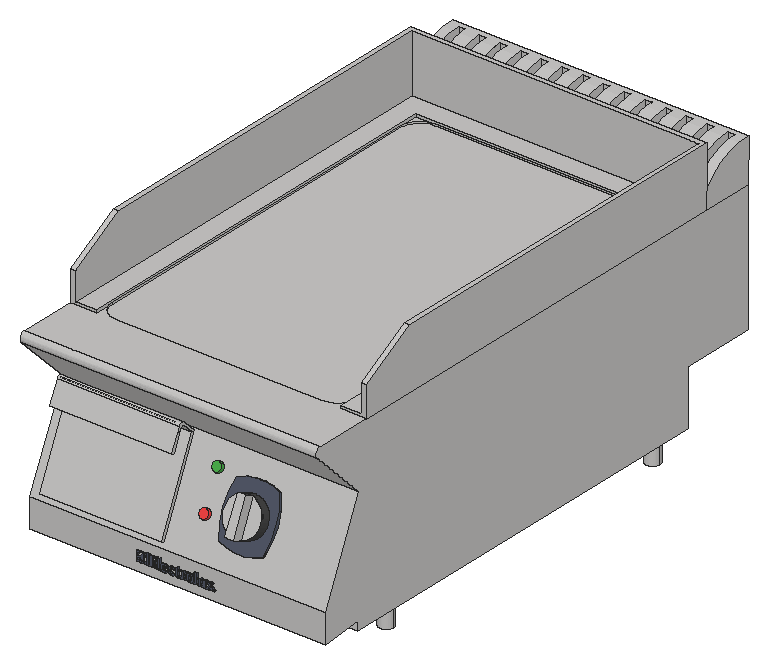
Revit family "QF_ELECTROLUXPROFESSIONAL_371193_E7FTEDCSI0", category Specialty Equipment, Revit 2018
Family settings
  Round Connector Dimension = Use Diameter
  Part Type = Normal
  Work Plane-Based = No
  Always vertical = Yes
  Cut with Voids When Loaded = No
  Shared = No
  Room Calculation Point = No
Parameters
  Width = 400.05 mm  # constant formula
  Weight in Pounds = 88  # constant formula
  Watts = 4200 VA  # 4200 W
  Volts = 400 V  # constant formula
  URL Cutsheet = "www.electrolux.com/foodservice"
  URL = "www.electrolux.com/foodservice"
  Type Mark [instance] = ""
  Status [instance] = ""
  Specification by User [instance] = ""
  Specification by Manufacturer = ""
  Show Logo [instance] = yes
  Show Clearance [instance] = yes
  Serial Number = ""
  Seismic Rating = ""
  SMACNA No = ""
  Revision Code [instance] = ""
  Phase = 3  # constant formula
  Omniclass Number and Title = ""
  Number of Poles [instance] = 1
  NAFEM Spec ID Number = ""
  Model = "371193"
  Min Ckt Ampacity = 0 A
  Max Overcurrent Protection = 0 A
  Masterspec = ""
  Manufacturer = "ELECTROLUX"
  Item Number [instance] = ""
  Installed By [instance] = ""
  Identify Quantity as Lot [instance] = yes
  Height = 288.925 mm  # constant formula
  HP = "5.6 HP"
  Furnished By [instance] = ""
  Foodservice Equipment Identifier [instance] = yes
  FL Amps = if(Phase = 3, Watts / (Volts * 1.73), Watts / Volts)  # 6.06936 A
  Electrical Remarks [instance] = "400 V/3N ph/50/60 Hz"  # constant formula
  Electric Connection Type [instance] = ""
  Elec Conn RI Height [instance] = 0 mm
  Elec Conn Connection Height [instance] = 0 mm
  Direct Waste Size = 0"
  Description = "700XP Half Module Electric Fry Top, Smooth Plate, Chromium Steel"
  Depth = 730.25 mm  # constant formula
  Cycle [instance] = if([60 Hertz Option], 60 Hz, 50 Hz)  # 60 Hz
  Conn Plug = ""
  Conn Conduit = yes
  CSI MasterFormat = ""
  CSI Master Format = ""
  Base Height [instance] = 23.813 mm  # constant formula
  Assembly Code = ""
  Apparent Power = if(Phase = 3, Volts * FL Amps * 1.73, Volts * FL Amps)  # 4200 VA
  60 Hertz Option [instance] = not([50 Hertz Option])  # yes
  50 Hertz Option [instance] = no
Reference planes
  plane 1 "BACK": y = 0
  plane 2: z = 0
  plane 3 "LEFT": x = 0
  plane 4 "RIGHT": x = 400.05
  plane 5 "FRONT": y = -730.25
  plane 6 "TOP": z = 288.925
  plane 7 "Center Y": x = 200.025
  plane 8 "Center X": y = -365.125
  plane 9 "BASE": z = 23.813
  plane 10 "TOP A": z = 274.638
  plane 11: y = -597.884
  plane 12: y = -147.637
Forms (mm)
  Extrusion 1, solid, material "QF_Finishes_Stainless Steel"
    sketch origin (0, 0, 0) x (0, 1, 0) y (0, 0, 1)
      loop
        line (0, 274.638) -> (-722.905, 274.638)
        arc (-722.905, 274.638) -> (-729.679, 270.111) -> (-728.09, 262.121) r 7.332
        line (-728.09, 262.121) -> (-657.416, 191.447) -> (-713.772, 69.003) -> (-713.772, 30.903) -> (-660.4, 36.513) -> (-660.4, 23.812) -> (-101.6, 23.812) -> (-101.6, 98.425) -> (0, 98.425) -> (0, 274.638)
    from 0 to 400.05
  Extrusion 2, void
    sketch origin (0, -2.381, 274.638) x (-1, 0, 0) y (0, -1, 0)
      loop
        arc (-60.425, 102.504) -> (-42.464, 109.943) -> (-35.025, 127.904) r 25.4
        line (-35.025, 127.904) -> (-35.025, 617.104)
        arc (-35.025, 617.104) -> (-42.464, 635.064) -> (-60.425, 642.504) r 25.4
        line (-60.425, 642.504) -> (-339.625, 642.504)
        arc (-339.625, 642.504) -> (-357.586, 635.064) -> (-365.025, 617.104) r 25.4
        line (-365.025, 617.104) -> (-365.025, 127.904)
        arc (-365.025, 127.904) -> (-357.586, 109.943) -> (-339.625, 102.504) r 25.4
        line (-339.625, 102.504) -> (-60.425, 102.504)
    from 0 to -1.588
  Extrusion 3, solid, material "QF_Finishes_Stainless Steel"
    sketch origin (0, 0, 0) x (1, 0, 0) y (0, 1, 0)
      loop
        circle (11.112, -147.638) r 9.525
      loop
        circle (11.112, -597.884) r 9.525
      loop
        circle (388.937, -147.638) r 9.525
      loop
        circle (388.937, -597.884) r 9.525
    from 0 to 23.813
  Extrusion 4, solid, material "QF_Finishes_Navy Blue"
    sketch origin (115.456, -713.772, 69.003) x (0, 0.418102, 0.9084) y (-1, 0, 0)
      loop
        arc (102.623, -132.62) -> (67.041, -124.996) -> (31.333, -132.003) r 90.5
        arc (31.333, -132.003) -> (24.507, -161.19) -> (31.333, -190.378) r 65.817
        arc (31.333, -190.378) -> (67.04, -197.338) -> (102.623, -189.765) r 91.066
        arc (102.623, -189.765) -> (109.179, -161.193) -> (102.623, -132.62) r 65.546
    from 0 to 3.175
  Extrusion 5, solid, material "QF_Finishes_Stainless Steel"
    sketch origin (115.456, -717.485, 68.529) x (0, 0.418102, 0.9084) y (-1, 0, 0)
      loop
        circle (68.826, -160.963) r 25.4
    from 0 to 12.7
  Extrusion 6, solid, material "QF_Finishes_Stainless Steel"
    sketch origin (115.456, -729.022, 73.839) x (0, 0.418102, 0.9084) y (-1, 0, 0)
      loop
        arc (93.558, -166.749) -> (94.226, -160.963) -> (93.558, -155.177) r 25.4
        line (93.558, -155.177) -> (44.094, -155.177)
        arc (44.094, -155.177) -> (43.426, -160.963) -> (44.094, -166.749) r 25.4
        line (44.094, -166.749) -> (93.558, -166.749)
    from 0 to 12.7
  Extrusion 7, solid, material "QF_Finishes_Navy Blue", visible <- "Show Logo"
    sketch origin (-142.26, -713.772, 35.665) x (0, 0, 1) y (-1, 0, 0)
      loop
        line (20.674, -296.698) -> (8.307, -296.698)
        arc (8.307, -296.698) -> (14.491, -301.27) -> (20.674, -296.698) r 6.467
      loop
        arc (20.674, -296.069) -> (19.505, -290.926) -> (14.849, -288.448) r 6.338
        line (14.849, -288.448) -> (14.849, -290.494)
        arc (14.849, -290.494) -> (16.333, -294.149) -> (19.778, -296.069) r 5.941
        line (19.778, -296.069) -> (20.674, -296.069)
      loop
        arc (9.203, -296.069) -> (12.648, -294.149) -> (14.132, -290.494) r 5.941
        line (14.132, -290.494) -> (14.132, -288.448)
        arc (14.132, -288.448) -> (9.438, -290.922) -> (8.148, -296.069) r 6.504
        line (8.148, -296.069) -> (9.203, -296.069)
      loop
        line (21.349, -287.979) -> (7.604, -287.979) -> (7.604, -301.742) -> (21.349, -301.742) -> (21.349, -287.979)
      loop
        arc (21.432, -304.71) -> (21.085, -304.352) -> (20.718, -304.69) r 0.358
        arc (20.718, -304.69) -> (20.404, -305.44) -> (19.687, -305.825) r 1.216
        line (19.687, -305.825) -> (9.274, -305.825)
        arc (9.274, -305.825) -> (8.614, -305.548) -> (8.218, -304.951) r 1.238
        arc (8.218, -304.951) -> (7.823, -304.7) -> (7.518, -305.054) r 0.358
        line (7.518, -305.054) -> (7.518, -314.933) -> (10.269, -314.933) -> (10.269, -314.036)
        arc (10.269, -314.036) -> (9.36, -313.456) -> (8.904, -312.479) r 1.928
        line (8.904, -312.479) -> (8.904, -309.98)
        arc (8.904, -309.98) -> (9.18, -309.251) -> (9.868, -308.887) r 1.101
        line (9.868, -308.887) -> (13.955, -308.887) -> (13.955, -312.561)
        arc (13.955, -312.561) -> (13.602, -313.058) -> (13.037, -313.286) r 1.083
        arc (13.037, -313.286) -> (12.773, -313.591) -> (13.065, -313.869) r 0.292
        line (13.065, -313.869) -> (16.028, -313.869)
        arc (16.028, -313.869) -> (16.33, -313.596) -> (16.092, -313.266) r 0.305
        arc (16.092, -313.266) -> (15.601, -313.018) -> (15.296, -312.561) r 1.083
        line (15.296, -312.561) -> (15.296, -308.887) -> (19.973, -308.887) -> (19.973, -312.635)
        arc (19.973, -312.635) -> (19.759, -313.39) -> (19.153, -313.888) r 1.314
        arc (19.153, -313.888) -> (18.934, -314.292) -> (19.288, -314.585) r 0.361
        line (19.288, -314.585) -> (21.432, -314.585) -> (21.432, -304.71)
      loop
        arc (20.715, -315.365) -> (20.335, -316.284) -> (19.416, -316.664) r 1.299
        line (19.416, -316.664) -> (9.837, -316.664)
        arc (9.837, -316.664) -> (8.999, -316.286) -> (8.728, -315.408) r 1.118
        line (8.728, -315.408) -> (7.518, -315.408) -> (7.518, -320.758) -> (8.706, -320.758)
        arc (8.706, -320.758) -> (8.978, -319.841) -> (9.848, -319.445) r 1.153
        line (9.848, -319.445) -> (21.92, -319.445) -> (20.715, -315.365)
      loop
        line (12.483, -323.394) -> (12.483, -329.842) -> (13.282, -329.842)
        arc (13.282, -329.842) -> (15.862, -328.857) -> (17.131, -326.404) r 3.874
        line (17.131, -326.404) -> (17.131, -324.643)
        arc (17.131, -324.643) -> (15.944, -321.778) -> (13.08, -320.592) r 4.051
        line (13.08, -320.592) -> (11.072, -320.592)
        arc (11.072, -320.592) -> (8.253, -322.077) -> (7.202, -325.084) r 4.352
        arc (7.202, -325.084) -> (7.566, -327.547) -> (8.943, -329.621) r 5.713
        line (8.943, -329.621) -> (9.892, -329.621)
        arc (9.892, -329.621) -> (9.16, -328.052) -> (8.943, -326.334) r 5.579
        arc (8.943, -326.334) -> (9.737, -324.371) -> (11.616, -323.394) r 3.057
        line (11.616, -323.394) -> (12.483, -323.394)
      loop
        line (13.742, -323.394) -> (13.742, -326.977)
        arc (13.742, -326.977) -> (15.199, -327.024) -> (16.082, -325.864) r 1.59
        line (16.082, -325.864) -> (16.082, -325.034)
        arc (16.082, -325.034) -> (15.217, -323.779) -> (13.742, -323.394) r 2.184
      loop
        arc (16.533, -339.259) -> (17.022, -337.585) -> (17.179, -335.848) r 9.023
        line (17.179, -335.848) -> (17.179, -334.486)
        arc (17.179, -334.486) -> (16.02, -331.686) -> (13.22, -330.527) r 3.959
        line (13.22, -330.527) -> (10.62, -330.527)
        arc (10.62, -330.527) -> (8.338, -331.819) -> (7.221, -334.192) r 4.331
        line (7.221, -334.192) -> (7.221, -336.327)
        arc (7.221, -336.327) -> (7.729, -337.877) -> (8.651, -339.223) r 5.772
        arc (8.651, -339.223) -> (9.412, -339.274) -> (9.499, -338.515) r 0.553
        arc (9.499, -338.515) -> (9.111, -337.781) -> (8.977, -336.962) r 2.573
        line (8.977, -336.962) -> (8.977, -335.447)
        arc (8.977, -335.447) -> (9.983, -333.806) -> (11.798, -333.163) r 2.884
        line (11.798, -333.163) -> (13.077, -333.163)
        arc (13.077, -333.163) -> (14.898, -333.723) -> (15.824, -335.388) r 2.554
        line (15.824, -335.388) -> (15.824, -336.441)
        arc (15.824, -336.441) -> (15.493, -337.369) -> (14.836, -338.104) r 2.564
        arc (14.836, -338.104) -> (14.614, -338.821) -> (15.223, -339.259) r 0.643
        line (15.223, -339.259) -> (16.533, -339.259)
      loop
        line (15.515, -339.53) -> (15.515, -341.031) -> (9.467, -341.031)
        arc (9.467, -341.031) -> (7.879, -341.688) -> (7.221, -343.276) r 2.246
        line (7.221, -343.276) -> (7.221, -344.86)
        arc (7.221, -344.86) -> (7.535, -345.725) -> (8.035, -346.496) r 4.06
        arc (8.035, -346.496) -> (8.768, -346.629) -> (9.019, -345.928) r 0.576
        arc (9.019, -345.928) -> (8.913, -345.403) -> (8.977, -344.87) r 1.69
        arc (8.977, -344.87) -> (9.519, -344.082) -> (10.425, -343.779) r 1.506
        line (10.425, -343.779) -> (15.563, -343.779) -> (15.563, -346.176) -> (16.119, -346.733) -> (16.941, -346.733) -> (16.941, -343.873) -> (20.172, -343.873) -> (15.515, -339.53)
      loop
        line (7.438, -347.63) -> (7.438, -353.017) -> (8.548, -353.017)
        arc (8.548, -353.017) -> (8.942, -352.066) -> (9.893, -351.672) r 1.345
        line (9.893, -351.672) -> (13.509, -351.672)
        arc (13.509, -351.672) -> (14.274, -352.264) -> (14.564, -353.186) r 1.615
        line (14.564, -353.186) -> (14.564, -354.742) -> (17.119, -355.427) -> (17.119, -354.044) -> (15.177, -351.485) -> (17.057, -351.485) -> (16.773, -348.779)
        arc (16.773, -348.779) -> (16.333, -348.249) -> (15.674, -348.45) r 0.621
        arc (15.674, -348.45) -> (15.274, -348.792) -> (14.78, -348.975) r 1.501
        line (14.78, -348.975) -> (9.893, -348.975)
        arc (9.893, -348.975) -> (8.942, -348.581) -> (8.548, -347.63) r 1.345
        line (8.548, -347.63) -> (7.438, -347.63)
      loop
        line (13.54, -354.964) -> (10.848, -354.964)
        arc (10.848, -354.964) -> (8.403, -356.272) -> (7.269, -358.803) r 4.288
        arc (7.269, -358.803) -> (7.205, -360.183) -> (7.269, -361.563) r 15.022
        arc (7.269, -361.563) -> (8.403, -364.094) -> (10.848, -365.401) r 4.288
        line (10.848, -365.401) -> (13.54, -365.401)
        arc (13.54, -365.401) -> (15.986, -364.094) -> (17.119, -361.563) r 4.288
        arc (17.119, -361.563) -> (17.183, -360.183) -> (17.119, -358.803) r 15.022
        arc (17.119, -358.803) -> (15.986, -356.272) -> (13.54, -354.964) r 4.288
      loop
        line (13.745, -358.078) -> (10.643, -358.078)
        arc (10.643, -358.078) -> (8.486, -360.235) -> (10.643, -362.392) r 2.157
        line (10.643, -362.392) -> (13.745, -362.392)
        arc (13.745, -362.392) -> (15.902, -360.235) -> (13.745, -358.078) r 2.157
      loop
        arc (20.726, -365.26) -> (20.355, -366.154) -> (19.461, -366.524) r 1.264
        line (19.461, -366.524) -> (9.597, -366.524)
        arc (9.597, -366.524) -> (8.727, -366.127) -> (8.455, -365.211) r 1.153
        line (8.455, -365.211) -> (7.518, -365.211) -> (7.518, -370.319) -> (8.446, -370.319)
        arc (8.446, -370.319) -> (8.805, -369.547) -> (9.597, -369.232) r 1.153
        line (9.597, -369.232) -> (21.92, -369.232) -> (20.726, -365.26)
      loop
        arc (15.846, -369.857) -> (15.647, -370.921) -> (14.678, -371.403) r 1.215
        line (14.678, -371.403) -> (9.658, -371.403)
        arc (9.658, -371.403) -> (8.043, -372.051) -> (7.322, -373.634) r 2.338
        line (7.322, -373.634) -> (7.322, -375.148)
        arc (7.322, -375.148) -> (7.497, -376.152) -> (7.999, -377.038) r 2.979
        line (7.999, -377.038) -> (7.518, -378.835) -> (7.518, -380.524) -> (16.943, -380.524) -> (16.649, -376.32) -> (15.863, -376.32)
        arc (15.863, -376.32) -> (15.507, -377.156) -> (14.755, -377.665) r 1.605
        line (14.755, -377.665) -> (9.652, -377.665)
        arc (9.652, -377.665) -> (9.232, -376.728) -> (9.159, -375.704) r 2.94
        arc (9.159, -375.704) -> (9.72, -374.603) -> (10.873, -374.16) r 1.724
        line (10.873, -374.16) -> (17.07, -374.16) -> (15.846, -369.857)
      loop
        line (16.874, -381.377) -> (15.202, -383.423) -> (12.028, -385.729) -> (8.572, -382.617)
        arc (8.572, -382.617) -> (8.335, -382.223) -> (8.357, -381.764) r 0.789
        line (8.357, -381.764) -> (7.518, -381.764) -> (7.518, -385.309) -> (8.344, -385.309)
        arc (8.344, -385.309) -> (8.686, -384.947) -> (9.176, -385.039) r 0.52
        line (9.176, -385.039) -> (10.976, -386.51) -> (8.858, -387.886)
        arc (8.858, -387.886) -> (8.457, -387.576) -> (8.37, -387.076) r 0.7
        line (8.37, -387.076) -> (7.518, -387.076) -> (7.518, -393.003) -> (8.405, -393.003)
        arc (8.405, -393.003) -> (8.472, -392.344) -> (8.866, -391.813) r 1.247
        line (8.866, -391.813) -> (13.066, -388.532) -> (15.513, -390.585) -> (16.874, -392.327) -> (16.874, -388.604) -> (15.389, -389.026) -> (13.868, -387.749) -> (15.568, -386.559) -> (16.874, -387.336) -> (16.874, -381.377)
    from 0 to 1.644
  Extrusion 8, solid, material "QF_Finishes_Stainless Steel"
    sketch origin (0, -101.6, 101.6) x (0, 0, -1) y (-1, 0, 0)
      loop
        circle (43.882, -349.25) r 12.7
    from 0 to 3.175
  Extrusion 9, solid, material "QF_Finishes_Clearance", visible <- "Show Clearance", detail levels coarse
    sketch origin (0, 0, 0) x (1, 0, 0) y (0, 1, 0)
      loop
        line (0, -730.25) -> (0, 0) -> (400.05, 0) -> (400.05, -730.25) -> (550.069, -730.25) -> (550.069, 150.019) -> (-150.019, 150.019) -> (-150.019, -730.25) -> (0, -730.25)
    from 0 to 288.925
  Extrusion 10, solid, material "QF_Finishes_Stainless Steel"
    sketch origin (0, 0, 0) x (0, 1, 0) y (0, 0, 1)
      loop
        line (-658.831, 188.372) -> (-675.238, 204.778)
        arc (-675.238, 204.778) -> (-679.705, 206.181) -> (-683.409, 203.316) r 5.058
        line (-683.409, 203.316) -> (-696.071, 175.806) -> (-693.187, 174.479) -> (-680.525, 201.989)
        arc (-680.525, 201.989) -> (-679.146, 203.055) -> (-677.483, 202.533) r 1.883
        line (-677.483, 202.533) -> (-662.64, 187.69) -> (-713.474, 77.245) -> (-710.589, 75.918) -> (-658.831, 188.372)
    from 12.7 to 177.8
  Extrusion 11, solid, material "QF_Finishes_Drawer Clearance", visible <- "Show Clearance", detail levels coarse
    sketch origin (0, -101.6, 0) x (0, 1, 0) y (0, 0, 1)
      loop
        line (-660.751, 174.479) -> (-648.089, 201.989)
        arc (-648.089, 201.989) -> (-646.71, 203.055) -> (-645.046, 202.533) r 1.883
        line (-645.046, 202.533) -> (-630.204, 187.69) -> (-681.037, 77.245) -> (-678.153, 75.918) -> (-608.989, 75.918) -> (-557.231, 188.372) -> (-573.638, 204.778)
        arc (-573.638, 204.778) -> (-574.873, 205.685) -> (-576.323, 206.181) r 5.058
        line (-576.323, 206.181) -> (-647.269, 206.181)
        arc (-647.269, 206.181) -> (-649.472, 205.203) -> (-650.973, 203.316) r 5.058
        line (-650.973, 203.316) -> (-663.635, 175.806) -> (-660.751, 174.479)
    from 12.7 to 177.8
  Extrusion 12, solid, material "QF_Finishes_Stainless Steel"
    sketch origin (0, 0, 0) x (0, 1, 0) y (0, 0, 1)
      loop
        line (0, 274.638) -> (0, 333.375)
        arc (0, 333.375) -> (-38.879, 324.991) -> (-69.85, 300.038) r 86.156
        line (-69.85, 300.038) -> (-69.85, 274.638) -> (0, 274.638)
    from 0 to 400.05
  Extrusion 13, void
    sketch origin (0, 0, 274.638) x (-1, 0, 0) y (0, -1, 0)
      loop
        line (-13.453, 6.761) -> (-13.453, 63.911) -> (-22.749, 63.911) -> (-22.749, 6.761) -> (-13.453, 6.761)
    from 25.4 to 63.5
  Extrusion 14, void
    sketch origin (400.05, 0, 274.638) x (1, 0, 0) y (0, 1, 0)
      loop
        line (-13.453, -6.761) -> (-22.749, -6.761) -> (-22.749, -63.911) -> (-13.453, -63.911) -> (-13.453, -6.761)
    from 25.4 to 63.5
  Extrusion 15, void
    sketch origin (27.988, 0, 274.638) x (-1, 0, 0) y (0, -1, 0)
      loop
        line (-13.453, 6.761) -> (-13.453, 63.911) -> (-22.749, 63.911) -> (-22.749, 6.761) -> (-13.453, 6.761)
    from 25.4 to 63.5
  Extrusion 16, void
    sketch origin (55.977, 0, 274.638) x (-1, 0, 0) y (0, -1, 0)
      loop
        line (-13.453, 6.761) -> (-13.453, 63.911) -> (-22.749, 63.911) -> (-22.749, 6.761) -> (-13.453, 6.761)
    from 25.4 to 63.5
  Extrusion 17, void
    sketch origin (83.965, 0, 274.638) x (-1, 0, 0) y (0, -1, 0)
      loop
        line (-13.453, 6.761) -> (-13.453, 63.911) -> (-22.749, 63.911) -> (-22.749, 6.761) -> (-13.453, 6.761)
    from 25.4 to 63.5
  Extrusion 18, void
    sketch origin (111.953, 0, 274.638) x (-1, 0, 0) y (0, -1, 0)
      loop
        line (-13.453, 6.761) -> (-13.453, 63.911) -> (-22.749, 63.911) -> (-22.749, 6.761) -> (-13.453, 6.761)
    from 25.4 to 63.5
  Extrusion 19, void
    sketch origin (139.942, 0, 274.638) x (-1, 0, 0) y (0, -1, 0)
      loop
        line (-13.453, 6.761) -> (-13.453, 63.911) -> (-22.749, 63.911) -> (-22.749, 6.761) -> (-13.453, 6.761)
    from 25.4 to 63.5
  Extrusion 20, void
    sketch origin (167.93, 0, 274.638) x (-1, 0, 0) y (0, -1, 0)
      loop
        line (-13.453, 6.761) -> (-13.453, 63.911) -> (-22.749, 63.911) -> (-22.749, 6.761) -> (-13.453, 6.761)
    from 25.4 to 63.5
  Extrusion 21, void
    sketch origin (195.918, 0, 274.638) x (-1, 0, 0) y (0, -1, 0)
      loop
        line (-13.453, 6.761) -> (-13.453, 63.911) -> (-22.749, 63.911) -> (-22.749, 6.761) -> (-13.453, 6.761)
    from 25.4 to 63.5
  Extrusion 22, void
    sketch origin (223.907, 0, 274.638) x (-1, 0, 0) y (0, -1, 0)
      loop
        line (-13.453, 6.761) -> (-13.453, 63.911) -> (-22.749, 63.911) -> (-22.749, 6.761) -> (-13.453, 6.761)
    from 25.4 to 63.5
  Extrusion 23, void
    sketch origin (251.895, 0, 274.638) x (-1, 0, 0) y (0, -1, 0)
      loop
        line (-13.453, 6.761) -> (-13.453, 63.911) -> (-22.749, 63.911) -> (-22.749, 6.761) -> (-13.453, 6.761)
    from 25.4 to 63.5
  Extrusion 24, void
    sketch origin (279.884, 0, 274.638) x (-1, 0, 0) y (0, -1, 0)
      loop
        line (-13.453, 6.761) -> (-13.453, 63.911) -> (-22.749, 63.911) -> (-22.749, 6.761) -> (-13.453, 6.761)
    from 25.4 to 63.5
  Extrusion 25, void
    sketch origin (307.872, 0, 274.638) x (-1, 0, 0) y (0, -1, 0)
      loop
        line (-13.453, 6.761) -> (-13.453, 63.911) -> (-22.749, 63.911) -> (-22.749, 6.761) -> (-13.453, 6.761)
    from 25.4 to 63.5
  Extrusion 26, void
    sketch origin (335.86, 0, 274.638) x (-1, 0, 0) y (0, -1, 0)
      loop
        line (-13.453, 6.761) -> (-13.453, 63.911) -> (-22.749, 63.911) -> (-22.749, 6.761) -> (-13.453, 6.761)
    from 25.4 to 63.5
  Sweep 27, solid, material "QF_Finishes_Stainless Steel"
    path origin (0, -2.381, 274.638) x (-1, 0, 0) y (0, -1, 0)
      loop
        line (-365.025, 642.504) -> (-365.025, 102.504) -> (-35.025, 102.504) -> (-35.025, 642.504)
    profile origin (35.025, -374.885, 274.638) x (1, 0, 0) y (0, 0, 1)
      loop
        line (-35.025, 0) -> (0, 0) -> (0, 3.175) -> (-28.675, 3.175) -> (-28.675, 80.963) -> (-35.025, 80.963) -> (-35.025, 0)
  Extrusion 28, void
    sketch origin (0, -69.86, 274.638) x (0, 1, 0) y (0, 0, 1)
      loop
        line (-575.025, 40.481) -> (-501.995, 80.963) -> (-575.025, 80.963) -> (-575.025, 40.481)
    from 0 to 6.35
  Extrusion 29, void
    sketch origin (400.05, -644.885, 274.638) x (0, -1, 0) y (0, 0, 1)
      loop
        line (0, 40.481) -> (0, 80.963) -> (-73.03, 80.963) -> (0, 40.481)
    from 0 to 6.35
  Extrusion 30, solid, material "QF_Finishes_Green"
    sketch origin (129.198, -709.828, 77.572) x (0, 0.418102, 0.9084) y (-1, 0, 0)
      loop
        circle (95.112, -90.848) r 6.35
    from 0 to 3.175
  Extrusion 31, solid, material "QF_Finishes_Red"
    sketch origin (129.198, -731.731, 29.983) x (0, 0.418102, 0.9084) y (-1, 0, 0)
      loop
        circle (95.112, -90.848) r 6.35
    from 0 to 3.175
Cuts and joins
  Extrusion 2 cuts Extrusion 1
  joined: Extrusion 5, Extrusion 6
  Extrusion 13, Extrusion 14, Extrusion 15, Extrusion 16, Extrusion 17, Extrusion 18, Extrusion 19, Extrusion 20, Extrusion 21, Extrusion 22, Extrusion 23, Extrusion 24, Extrusion 25, Extrusion 26 cuts Extrusion 12
  Extrusion 28, Extrusion 29 cuts Sweep 27
Lines and regions (mm)
  symbolic lines, style "QF-Clearances", visible <- "Show Clearance", detail levels coarse
    curve 1: line (-150.019, 150.019, 274.638) -> (-150.019, -730.25, 274.638)
    curve 2: line (550.069, 150.019, 274.638) -> (-150.019, 150.019, 274.638)
    curve 3: line (550.069, -730.25, 274.638) -> (550.069, 150.019, 274.638)
  symbolic lines
    curve 4: line (0, 0, 274.638) -> (400.05, 0, 274.638)
    curve 5: line (0, -730.25, 274.638) -> (0, 0, 274.638)
    curve 6: line (400.05, 0, 274.638) -> (400.05, -730.25, 274.638)
    curve 7: line (35.025, -130.285, 274.638) -> (35.025, -644.885, 274.638)
    curve 8: arc (35.025, -619.485, 274.638) -> (42.464, -637.445, 274.638) -> (60.425, -644.885, 274.638) r 25.4
    curve 9: line (0, -644.885, 274.638) -> (35.025, -644.885, 274.638)
    curve 10: arc (339.625, -644.885, 274.638) -> (357.586, -637.445, 274.638) -> (365.025, -619.485, 274.638) r 25.4
    curve 11: line (365.025, -644.885, 274.638) -> (365.025, -130.285, 274.638)
    curve 12: line (339.625, -104.885, 274.638) -> (60.425, -104.885, 274.638)
    curve 13: line (0, -69.85, 274.638) -> (400.05, -69.85, 274.638)
    curve 14: line (400.05, -730.25, 274.638) -> (0, -730.25, 274.638)
    curve 15: arc (60.425, -104.885, 274.638) -> (42.464, -112.324, 274.638) -> (35.025, -130.285, 274.638) r 25.4
    curve 16: arc (339.625, -104.885, 274.638) -> (357.586, -112.324, 274.638) -> (365.025, -130.285, 274.638) r 25.4
    curve 17: line (6.35, -76.21, 274.638) -> (6.35, -644.885, 274.638)
    curve 18: line (6.35, -76.21, 274.638) -> (393.7, -76.21, 274.638)
    curve 19: line (393.7, -76.21, 274.638) -> (393.7, -644.885, 274.638)
    curve 20: line (13.453, -6.761, 274.638) -> (22.749, -6.761, 274.638)
    curve 21: line (13.453, -63.911, 274.638) -> (13.453, -6.761, 274.638)
    curve 22: line (22.749, -63.911, 274.638) -> (13.453, -63.911, 274.638)
    curve 23: line (22.749, -6.761, 274.638) -> (22.749, -63.911, 274.638)
    curve 24: line (41.441, -6.761, 274.638) -> (50.737, -6.761, 274.638)
    curve 25: line (41.441, -63.911, 274.638) -> (41.441, -6.761, 274.638)
    curve 26: line (50.737, -63.911, 274.638) -> (41.441, -63.911, 274.638)
    curve 27: line (50.737, -6.761, 274.638) -> (50.737, -63.911, 274.638)
    curve 28: line (69.43, -6.761, 274.638) -> (78.725, -6.761, 274.638)
    curve 29: line (69.43, -63.911, 274.638) -> (69.43, -6.761, 274.638)
    curve 30: line (78.725, -63.911, 274.638) -> (69.43, -63.911, 274.638)
    curve 31: line (78.725, -6.761, 274.638) -> (78.725, -63.911, 274.638)
    curve 32: line (97.418, -6.761, 274.638) -> (106.714, -6.761, 274.638)
    curve 33: line (97.418, -63.911, 274.638) -> (97.418, -6.761, 274.638)
    curve 34: line (106.714, -63.911, 274.638) -> (97.418, -63.911, 274.638)
    curve 35: line (106.714, -6.761, 274.638) -> (106.714, -63.911, 274.638)
    curve 36: line (125.406, -6.761, 274.638) -> (134.702, -6.761, 274.638)
    curve 37: line (125.406, -63.911, 274.638) -> (125.406, -6.761, 274.638)
    curve 38: line (134.702, -63.911, 274.638) -> (125.406, -63.911, 274.638)
    curve 39: line (134.702, -6.761, 274.638) -> (134.702, -63.911, 274.638)
    curve 40: line (153.395, -6.761, 274.638) -> (162.69, -6.761, 274.638)
    curve 41: line (153.395, -63.911, 274.638) -> (153.395, -6.761, 274.638)
    curve 42: line (162.69, -63.911, 274.638) -> (153.395, -63.911, 274.638)
    curve 43: line (162.69, -6.761, 274.638) -> (162.69, -63.911, 274.638)
    curve 44: line (181.383, -6.761, 274.638) -> (190.679, -6.761, 274.638)
    curve 45: line (181.383, -63.911, 274.638) -> (181.383, -6.761, 274.638)
    curve 46: line (190.679, -63.911, 274.638) -> (181.383, -63.911, 274.638)
    curve 47: line (190.679, -6.761, 274.638) -> (190.679, -63.911, 274.638)
    curve 48: line (209.371, -6.761, 274.638) -> (218.667, -6.761, 274.638)
    curve 49: line (209.371, -63.911, 274.638) -> (209.371, -6.761, 274.638)
    curve 50: line (218.667, -63.911, 274.638) -> (209.371, -63.911, 274.638)
    curve 51: line (218.667, -6.761, 274.638) -> (218.667, -63.911, 274.638)
    curve 52: line (237.36, -6.761, 274.638) -> (246.655, -6.761, 274.638)
    curve 53: line (237.36, -63.911, 274.638) -> (237.36, -6.761, 274.638)
    curve 54: line (246.655, -63.911, 274.638) -> (237.36, -63.911, 274.638)
    curve 55: line (246.655, -6.761, 274.638) -> (246.655, -63.911, 274.638)
    curve 56: line (265.348, -6.761, 274.638) -> (274.644, -6.761, 274.638)
    curve 57: line (265.348, -63.911, 274.638) -> (265.348, -6.761, 274.638)
    curve 58: line (274.644, -63.911, 274.638) -> (265.348, -63.911, 274.638)
    curve 59: line (274.644, -6.761, 274.638) -> (274.644, -63.911, 274.638)
    curve 60: line (293.336, -6.761, 274.638) -> (302.632, -6.761, 274.638)
    curve 61: line (293.336, -63.911, 274.638) -> (293.336, -6.761, 274.638)
    curve 62: line (302.632, -63.911, 274.638) -> (293.336, -63.911, 274.638)
    curve 63: line (302.632, -6.761, 274.638) -> (302.632, -63.911, 274.638)
    curve 64: line (321.325, -6.761, 274.638) -> (330.62, -6.761, 274.638)
    curve 65: line (321.325, -63.911, 274.638) -> (321.325, -6.761, 274.638)
    curve 66: line (330.62, -63.911, 274.638) -> (321.325, -63.911, 274.638)
    curve 67: line (330.62, -6.761, 274.638) -> (330.62, -63.911, 274.638)
    curve 68: line (349.313, -6.761, 274.638) -> (358.609, -6.761, 274.638)
    curve 69: line (349.313, -63.911, 274.638) -> (349.313, -6.761, 274.638)
    curve 70: line (358.609, -63.911, 274.638) -> (349.313, -63.911, 274.638)
    curve 71: line (358.609, -6.761, 274.638) -> (358.609, -63.911, 274.638)
    curve 72: line (377.301, -6.761, 274.638) -> (386.597, -6.761, 274.638)
    curve 73: line (377.301, -63.911, 274.638) -> (377.301, -6.761, 274.638)
    curve 74: line (386.597, -63.911, 274.638) -> (377.301, -63.911, 274.638)
    curve 75: line (386.597, -6.761, 274.638) -> (386.597, -63.911, 274.638)
    curve 76: line (365.025, -644.885, 274.638) -> (400.05, -644.885, 274.638)
    curve 77: line (60.425, -644.885, 274.638) -> (339.625, -644.885, 274.638)
  symbolic lines, style "QF_Drawer Clearance", visible <- "Show Clearance", detail levels coarse
    curve 78: line (12.7, -731.804, 0) -> (12.7, -782.637, 0)
    curve 79: line (12.7, -782.637, 0) -> (177.8, -782.637, 0)
    curve 80: line (177.8, -782.637, 0) -> (177.8, -730.25, 0)
Dimensions and locks
  equal spacing: plane 3 "LEFT", plane 7 "Center Y", plane 4 "RIGHT"
  "Width": plane 3 "LEFT" to plane 4 "RIGHT"
  equal spacing: plane 5 "FRONT", plane 8 "Center X", plane 1 "BACK"
  "Depth": plane 5 "FRONT" to plane 1 "BACK"
  "Height": plane 6 "TOP" to level
  plane 1 "BACK" to plane 5 "FRONT" = 730.25 mm
  "Base Height": plane 9 "BASE" to level
  locked: plane 10 "TOP A" to plane 9 "BASE" at 250.825
  plane 4 "RIGHT" to Extrusion 8 sketch curve = 50.8 mm
  Sweep 27 sketch curve to level = 355.6 mm
  plane 10 "TOP A" to plane 9 "BASE" = 250.825 mm
  plane 9 "BASE" to level = 23.813 mm
  plane 9 "BASE" to cut or joined group of Extrusion 1, Extrusion 2 = 74.612 mm
  aligned and locked: level to plane 2
  aligned and locked: plane 4 "RIGHT" to Extrusion 1
  aligned and locked: plane 9 "BASE" to Extrusion 3
  aligned and locked: plane 6 "TOP" to Extrusion 9
Automatic sketch dimensions
  Extrusion 2 sketch curve to plane 4 "RIGHT" = 35.025 mm
  Extrusion 2 sketch curve to Extrusion 2 sketch curve = 25.4 mm  (x3)
  Extrusion 2 sketch curve to plane 12 = 17.353 mm
  plane 3 "LEFT" to Extrusion 2 sketch curve = 60.425 mm  (x2)
  plane 11 to Extrusion 2 sketch curve = 21.6 mm
  plane 11 to Extrusion 3 sketch curve = 0 mm  (x2)
  plane 12 to Extrusion 3 sketch curve = 0 mm  (x2)
  plane 3 "LEFT" to Extrusion 3 sketch curve = 11.112 mm  (x2)
  Extrusion 3 sketch curve to plane 4 "RIGHT" = 11.113 mm  (x2)
  Extrusion 4 sketch curve to Extrusion 1 = 31.333 mm  (x2)
  Extrusion 4 sketch curve to Extrusion 4 sketch curve = 12.3 mm  (x3)
  Extrusion 4 sketch curve to Extrusion 4 sketch curve = 34.925 mm  (x2)
  Extrusion 1 to Extrusion 4 sketch curve = 44.467 mm
  Extrusion 1 to Extrusion 4 sketch curve = 69.101 mm
  Extrusion 4 sketch curve to Extrusion 4 sketch curve = 25.114 mm
  Extrusion 4 sketch curve to Extrusion 4 sketch curve = 25.727 mm
  Extrusion 4 sketch curve to Extrusion 4 sketch curve = 29.185 mm
  Extrusion 6 sketch curve to Extrusion 6 sketch curve = 24.732 mm
  Extrusion 6 sketch curve to Extrusion 6 sketch curve = 0 mm
  Extrusion 7 sketch curve to Extrusion 1 = 6.923 mm
  Extrusion 7 sketch curve to Extrusion 1 = 11.964 mm
  Extrusion 7 sketch curve to Extrusion 1 = 11.983 mm
  Extrusion 7 sketch curve to Extrusion 7 sketch curve = 0 mm  (x28)
  Extrusion 7 sketch curve to Extrusion 7 sketch curve = 5.108 mm  (x2)
  Extrusion 7 sketch curve to Extrusion 1 = 12.085 mm
  Extrusion 7 sketch curve to Extrusion 7 sketch curve = 0.218 mm
  Extrusion 7 sketch curve to Extrusion 7 sketch curve = 0.195 mm
  Extrusion 7 sketch curve to Extrusion 7 sketch curve = 0.249 mm
  Extrusion 7 sketch curve to Extrusion 1 = 12.28 mm
  Extrusion 7 sketch curve to Extrusion 7 sketch curve = 0.087 mm
  Extrusion 7 sketch curve to Extrusion 7 sketch curve = 0.358 mm
  Extrusion 7 sketch curve to Extrusion 7 sketch curve = 0.481 mm
  Extrusion 7 sketch curve to Extrusion 7 sketch curve = 0.597 mm
  Extrusion 7 sketch curve to Extrusion 7 sketch curve = 0.544 mm
  Extrusion 7 sketch curve to Extrusion 7 sketch curve = 0.936 mm
  Extrusion 7 sketch curve to Extrusion 7 sketch curve = 0.594 mm
  Extrusion 7 sketch curve to Extrusion 7 sketch curve = 0.343 mm
  Extrusion 7 sketch curve to Extrusion 7 sketch curve = 0.159 mm
  Extrusion 7 sketch curve to Extrusion 7 sketch curve = 0.826 mm
  Extrusion 7 sketch curve to Extrusion 7 sketch curve = 0.839 mm
  Extrusion 7 sketch curve to Extrusion 7 sketch curve = 0.852 mm
  Extrusion 7 sketch curve to Extrusion 7 sketch curve = 0.887 mm
  Extrusion 7 sketch curve to Extrusion 7 sketch curve = 0.928 mm
  Extrusion 7 sketch curve to Extrusion 7 sketch curve = 0.938 mm
  Extrusion 7 sketch curve to Extrusion 7 sketch curve = 0.444 mm
  Extrusion 7 sketch curve to Extrusion 7 sketch curve = 1.11 mm  (x3)
  Extrusion 7 sketch curve to Extrusion 7 sketch curve = 0.215 mm
  Extrusion 7 sketch curve to Extrusion 7 sketch curve = 1.43 mm
  Extrusion 7 sketch curve to Extrusion 7 sketch curve = 1.188 mm
  Extrusion 7 sketch curve to Extrusion 7 sketch curve = 1.21 mm  (x2)
  Extrusion 7 sketch curve to Extrusion 7 sketch curve = 0.503 mm
  Extrusion 7 sketch curve to Extrusion 7 sketch curve = 0.488 mm
  Extrusion 7 sketch curve to Extrusion 7 sketch curve = 0.462 mm
  Extrusion 7 sketch curve to Extrusion 7 sketch curve = 1.386 mm
  Extrusion 7 sketch curve to Extrusion 7 sketch curve = 1.742 mm  (x2)
  Extrusion 7 sketch curve to Extrusion 7 sketch curve = 0.821 mm
  Extrusion 7 sketch curve to Extrusion 7 sketch curve = 0.497 mm
  Extrusion 7 sketch curve to Extrusion 7 sketch curve = 0.539 mm
  Extrusion 7 sketch curve to Extrusion 7 sketch curve = 0.686 mm
  Extrusion 7 sketch curve to Extrusion 7 sketch curve = 0.408 mm
  Extrusion 7 sketch curve to Extrusion 7 sketch curve = 0.743 mm
  Extrusion 7 sketch curve to Extrusion 7 sketch curve = 1.16 mm
  Extrusion 7 sketch curve to Extrusion 7 sketch curve = 0.329 mm
  Extrusion 7 sketch curve to Extrusion 7 sketch curve = 1.054 mm
  Extrusion 7 sketch curve to Extrusion 7 sketch curve = 1.056 mm
  Extrusion 7 sketch curve to Extrusion 7 sketch curve = 0.129 mm
  Extrusion 7 sketch curve to Extrusion 7 sketch curve = 0.489 mm
  Extrusion 7 sketch curve to Extrusion 7 sketch curve = 0.441 mm
  Extrusion 7 sketch curve to Extrusion 7 sketch curve = 1.151 mm
  Extrusion 7 sketch curve to Extrusion 7 sketch curve = 1.141 mm  (x2)
  Extrusion 7 sketch curve to Extrusion 7 sketch curve = 0.768 mm
  Extrusion 7 sketch curve to Extrusion 7 sketch curve = 1.653 mm
  Extrusion 7 sketch curve to Extrusion 7 sketch curve = 0.499 mm
  Extrusion 7 sketch curve to Extrusion 7 sketch curve = 0.964 mm
  Extrusion 7 sketch curve to Extrusion 7 sketch curve = 0.949 mm
  Extrusion 7 sketch curve to Extrusion 7 sketch curve = 1.345 mm  (x3)
  Extrusion 7 sketch curve to Extrusion 7 sketch curve = 1.101 mm
  Extrusion 7 sketch curve to Extrusion 7 sketch curve = 0.432 mm
  Extrusion 7 sketch curve to Extrusion 7 sketch curve = 1.142 mm
  Extrusion 7 sketch curve to Extrusion 7 sketch curve = 0.959 mm
  Extrusion 7 sketch curve to Extrusion 7 sketch curve = 0.176 mm
  Extrusion 7 sketch curve to Extrusion 7 sketch curve = 0.728 mm
  Extrusion 7 sketch curve to Extrusion 7 sketch curve = 3.375 mm  (x2)
  Extrusion 7 sketch curve to Extrusion 7 sketch curve = 0.541 mm
  Extrusion 7 sketch curve to Extrusion 7 sketch curve = 0.955 mm
  Extrusion 7 sketch curve to Extrusion 7 sketch curve = 1.251 mm
  Extrusion 7 sketch curve to Extrusion 7 sketch curve = 0.572 mm
  Extrusion 7 sketch curve to Extrusion 7 sketch curve = 1.92 mm
  Extrusion 7 sketch curve to Extrusion 7 sketch curve = 1.224 mm
  Extrusion 7 sketch curve to Extrusion 7 sketch curve = 0.745 mm
  Extrusion 7 sketch curve to Extrusion 7 sketch curve = 2.537 mm
  Extrusion 7 sketch curve to Extrusion 7 sketch curve = 0.896 mm  (x3)
  Extrusion 7 sketch curve to Extrusion 7 sketch curve = 0.036 mm
  Extrusion 7 sketch curve to Extrusion 7 sketch curve = 2.607 mm
  Extrusion 7 sketch curve to Extrusion 7 sketch curve = 0.066 mm
  Extrusion 7 sketch curve to Extrusion 7 sketch curve = 0.248 mm
  Extrusion 7 sketch curve to Extrusion 7 sketch curve = 0.449 mm
  Extrusion 7 sketch curve to Extrusion 7 sketch curve = 1.052 mm
  Extrusion 7 sketch curve to Extrusion 7 sketch curve = 1.863 mm
  Extrusion 7 sketch curve to Extrusion 7 sketch curve = 1.31 mm  (x2)
  Extrusion 7 sketch curve to Extrusion 7 sketch curve = 0.901 mm
  Extrusion 7 sketch curve to Extrusion 7 sketch curve = 1.107 mm
  Extrusion 7 sketch curve to Extrusion 7 sketch curve = 2.122 mm
  Extrusion 7 sketch curve to Extrusion 7 sketch curve = 2.101 mm
  Extrusion 7 sketch curve to Extrusion 7 sketch curve = 0.106 mm
  Extrusion 7 sketch curve to Extrusion 7 sketch curve = 0.029 mm
  Extrusion 7 sketch curve to Extrusion 7 sketch curve = 2.09 mm
  Extrusion 7 sketch curve to Extrusion 7 sketch curve = 1.279 mm
  Extrusion 7 sketch curve to Extrusion 7 sketch curve = 2.008 mm
  Extrusion 7 sketch curve to Extrusion 7 sketch curve = 0.738 mm
  Extrusion 7 sketch curve to Extrusion 7 sketch curve = 0.382 mm
  Extrusion 7 sketch curve to Extrusion 7 sketch curve = 0.384 mm
  Extrusion 7 sketch curve to Extrusion 7 sketch curve = 0.002 mm
  Extrusion 7 sketch curve to Extrusion 7 sketch curve = 0.561 mm
  Extrusion 7 sketch curve to Extrusion 7 sketch curve = 0.592 mm
  Extrusion 7 sketch curve to Extrusion 7 sketch curve = 2.692 mm
  Extrusion 7 sketch curve to Extrusion 7 sketch curve = 1.259 mm
  Extrusion 7 sketch curve to Extrusion 7 sketch curve = 0.802 mm
  Extrusion 7 sketch curve to Extrusion 7 sketch curve = 1.024 mm
  Extrusion 7 sketch curve to Extrusion 7 sketch curve = 0.682 mm
  Extrusion 7 sketch curve to Extrusion 7 sketch curve = 5.934 mm
  Extrusion 7 sketch curve to Extrusion 7 sketch curve = 2.186 mm
  Extrusion 7 sketch curve to Extrusion 7 sketch curve = 0.337 mm
  Extrusion 7 sketch curve to Extrusion 7 sketch curve = 0.021 mm
  Extrusion 7 sketch curve to Extrusion 7 sketch curve = 1.005 mm
  Extrusion 7 sketch curve to Extrusion 7 sketch curve = 0.552 mm
  Extrusion 7 sketch curve to Extrusion 7 sketch curve = 0.778 mm
  Extrusion 7 sketch curve to Extrusion 7 sketch curve = 0.063 mm
  Extrusion 7 sketch curve to Extrusion 7 sketch curve = 1.023 mm
  Extrusion 7 sketch curve to Extrusion 7 sketch curve = 3.804 mm
  Extrusion 7 sketch curve to Extrusion 7 sketch curve = 0.486 mm
  Extrusion 7 sketch curve to Extrusion 7 sketch curve = 0.266 mm
  Extrusion 7 sketch curve to Extrusion 7 sketch curve = 1.547 mm
  Extrusion 7 sketch curve to Extrusion 7 sketch curve = 0.717 mm  (x2)
  Extrusion 7 sketch curve to Extrusion 7 sketch curve = 1.667 mm
  Extrusion 7 sketch curve to Extrusion 7 sketch curve = 3.174 mm
  Extrusion 7 sketch curve to Extrusion 7 sketch curve = 0.388 mm
  Extrusion 7 sketch curve to Extrusion 7 sketch curve = 1.342 mm
  Extrusion 7 sketch curve to Extrusion 7 sketch curve = 1.521 mm
  Extrusion 7 sketch curve to Extrusion 7 sketch curve = 0.124 mm
  Extrusion 7 sketch curve to Extrusion 7 sketch curve = 0.291 mm
  Extrusion 7 sketch curve to Extrusion 7 sketch curve = 1.049 mm  (x2)
  Extrusion 7 sketch curve to Extrusion 7 sketch curve = 1.7 mm
  Extrusion 7 sketch curve to Extrusion 7 sketch curve = 0.894 mm
  Extrusion 7 sketch curve to Extrusion 7 sketch curve = 0.989 mm
  Extrusion 7 sketch curve to Extrusion 7 sketch curve = 1.168 mm
  Extrusion 7 sketch curve to Extrusion 7 sketch curve = 1.594 mm
  Extrusion 7 sketch curve to Extrusion 7 sketch curve = 0.731 mm
  Extrusion 7 sketch curve to Extrusion 7 sketch curve = 1.566 mm
  Extrusion 7 sketch curve to Extrusion 7 sketch curve = 0.064 mm
  Extrusion 7 sketch curve to Extrusion 7 sketch curve = 0.556 mm  (x2)
  Extrusion 7 sketch curve to Extrusion 7 sketch curve = 0.48 mm
  Extrusion 7 sketch curve to Extrusion 7 sketch curve = 0.228 mm
  Extrusion 7 sketch curve to Extrusion 7 sketch curve = 1.018 mm
  Extrusion 7 sketch curve to Extrusion 7 sketch curve = 0.787 mm
  Extrusion 7 sketch curve to Extrusion 7 sketch curve = 0.618 mm
  Extrusion 7 sketch curve to Extrusion 7 sketch curve = 1.672 mm
  Extrusion 7 sketch curve to Extrusion 7 sketch curve = 1.361 mm
  Extrusion 7 sketch curve to Extrusion 7 sketch curve = 0.822 mm
  Extrusion 7 sketch curve to Extrusion 7 sketch curve = 0.069 mm
  Extrusion 7 sketch curve to Extrusion 7 sketch curve = 1.88 mm
  Extrusion 7 sketch curve to Extrusion 7 sketch curve = 0.42 mm
  Extrusion 7 sketch curve to Extrusion 7 sketch curve = 0.062 mm
  Extrusion 7 sketch curve to Extrusion 7 sketch curve = 1.355 mm
  Extrusion 7 sketch curve to Extrusion 7 sketch curve = 2.34 mm
  Extrusion 7 sketch curve to Extrusion 7 sketch curve = 0.493 mm
  Extrusion 7 sketch curve to Extrusion 7 sketch curve = 0.136 mm
  Extrusion 7 sketch curve to Extrusion 7 sketch curve = 0.128 mm
  Extrusion 7 sketch curve to Extrusion 7 sketch curve = 3.616 mm
  Extrusion 7 sketch curve to Extrusion 7 sketch curve = 4.207 mm
  Extrusion 7 sketch curve to Extrusion 7 sketch curve = 0.183 mm
  Extrusion 7 sketch curve to Extrusion 7 sketch curve = 0.895 mm
  Extrusion 7 sketch curve to Extrusion 7 sketch curve = 1.314 mm
  Extrusion 7 sketch curve to Extrusion 7 sketch curve = 3.231 mm
  Extrusion 7 sketch curve to Extrusion 7 sketch curve = 1.299 mm
  Extrusion 7 sketch curve to Extrusion 7 sketch curve = 1.214 mm
  Extrusion 7 sketch curve to Extrusion 7 sketch curve = 1.264 mm
  Extrusion 7 sketch curve to Extrusion 7 sketch curve = 0.109 mm
  Extrusion 7 sketch curve to Extrusion 7 sketch curve = 0.357 mm
  Extrusion 7 sketch curve to Extrusion 7 sketch curve = 0.565 mm
  Extrusion 7 sketch curve to Extrusion 7 sketch curve = 2.504 mm
  Extrusion 7 sketch curve to Extrusion 7 sketch curve = 2.459 mm
  Extrusion 1 to Extrusion 7 sketch curve = 149.307 mm
  Extrusion 7 sketch curve to Extrusion 7 sketch curve = 0.208 mm
  Extrusion 7 sketch curve to Extrusion 7 sketch curve = 0.468 mm  (x2)
  Extrusion 7 sketch curve to Extrusion 7 sketch curve = 1.559 mm
  Extrusion 7 sketch curve to Extrusion 7 sketch curve = 0.422 mm  (x2)
  Extrusion 7 sketch curve to Extrusion 7 sketch curve = 0.494 mm
  Extrusion 7 sketch curve to Extrusion 7 sketch curve = 3.927 mm
  Extrusion 7 sketch curve to Extrusion 7 sketch curve = 0.782 mm
  Extrusion 7 sketch curve to Extrusion 7 sketch curve = 1.268 mm
  Extrusion 7 sketch curve to Extrusion 7 sketch curve = 0.671 mm
  Extrusion 7 sketch curve to Extrusion 7 sketch curve = 0.777 mm
  Extrusion 7 sketch curve to Extrusion 7 sketch curve = 0.704 mm
  Extrusion 7 sketch curve to Extrusion 7 sketch curve = 0.781 mm  (x2)
  Extrusion 7 sketch curve to Extrusion 7 sketch curve = 1.634 mm
  Extrusion 7 sketch curve to Extrusion 7 sketch curve = 0.132 mm
  Extrusion 7 sketch curve to Extrusion 7 sketch curve = 3.136 mm
  Extrusion 7 sketch curve to Extrusion 7 sketch curve = 2.422 mm
  Extrusion 7 sketch curve to Extrusion 7 sketch curve = 0.586 mm
  Extrusion 7 sketch curve to Extrusion 7 sketch curve = 2.046 mm  (x2)
  Extrusion 7 sketch curve to Extrusion 7 sketch curve = 1.241 mm
  Extrusion 7 sketch curve to Extrusion 7 sketch curve = 1.689 mm
  Extrusion 7 sketch curve to Extrusion 7 sketch curve = 2.859 mm
  Extrusion 7 sketch curve to Extrusion 7 sketch curve = 0.627 mm
  Extrusion 7 sketch curve to Extrusion 7 sketch curve = 0.863 mm
  Extrusion 7 sketch curve to Extrusion 7 sketch curve = 0.419 mm
  Extrusion 7 sketch curve to Extrusion 7 sketch curve = 1.514 mm
  Extrusion 7 sketch curve to Extrusion 7 sketch curve = 1.019 mm
  Extrusion 7 sketch curve to Extrusion 7 sketch curve = 0.065 mm
  Extrusion 7 sketch curve to Extrusion 7 sketch curve = 1.215 mm
  Extrusion 7 sketch curve to Extrusion 7 sketch curve = 2.708 mm
  Extrusion 7 sketch curve to Extrusion 7 sketch curve = 1.122 mm
  Extrusion 7 sketch curve to Extrusion 7 sketch curve = 1.153 mm
  Extrusion 7 sketch curve to Extrusion 7 sketch curve = 3.009 mm
  Extrusion 7 sketch curve to Extrusion 7 sketch curve = 0.829 mm  (x2)
  Extrusion 7 sketch curve to Extrusion 7 sketch curve = 0.934 mm
  Extrusion 7 sketch curve to Extrusion 7 sketch curve = 3.376 mm
  Extrusion 7 sketch curve to Extrusion 7 sketch curve = 0.222 mm
  Extrusion 7 sketch curve to Extrusion 7 sketch curve = 1.383 mm
  Extrusion 7 sketch curve to Extrusion 7 sketch curve = 1.556 mm
  Extrusion 7 sketch curve to Extrusion 7 sketch curve = 2.559 mm
  Extrusion 7 sketch curve to Extrusion 7 sketch curve = 2.51 mm
  Extrusion 7 sketch curve to Extrusion 7 sketch curve = 0.131 mm
  Extrusion 7 sketch curve to Extrusion 7 sketch curve = 1.717 mm
  Extrusion 7 sketch curve to Extrusion 7 sketch curve = 1.134 mm
  Extrusion 7 sketch curve to Extrusion 7 sketch curve = 0.366 mm
  Extrusion 7 sketch curve to Extrusion 7 sketch curve = 0.094 mm
  Extrusion 7 sketch curve to Extrusion 7 sketch curve = 1.584 mm
  Extrusion 7 sketch curve to Extrusion 7 sketch curve = 1.501 mm
  Extrusion 7 sketch curve to Extrusion 7 sketch curve = 0.27 mm
  Extrusion 7 sketch curve to Extrusion 7 sketch curve = 1.808 mm
  Extrusion 7 sketch curve to Extrusion 7 sketch curve = 0.643 mm
  Extrusion 7 sketch curve to Extrusion 7 sketch curve = 0.916 mm
  Extrusion 7 sketch curve to Extrusion 7 sketch curve = 0.352 mm
  Extrusion 7 sketch curve to Extrusion 7 sketch curve = 0.458 mm
  Extrusion 7 sketch curve to Extrusion 7 sketch curve = 1.282 mm
  Extrusion 7 sketch curve to Extrusion 7 sketch curve = 1.363 mm
  Extrusion 7 sketch curve to Extrusion 7 sketch curve = 0.685 mm
  Extrusion 7 sketch curve to Extrusion 7 sketch curve = 0.905 mm
  Extrusion 7 sketch curve to Extrusion 7 sketch curve = 2.865 mm
  Extrusion 7 sketch curve to Extrusion 7 sketch curve = 0.472 mm
  Extrusion 7 sketch curve to Extrusion 7 sketch curve = 0.101 mm
  Extrusion 7 sketch curve to Extrusion 7 sketch curve = 0.54 mm
  Extrusion 7 sketch curve to Extrusion 7 sketch curve = 0.02 mm
  Extrusion 7 sketch curve to Extrusion 7 sketch curve = 0.582 mm
  Extrusion 7 sketch curve to Extrusion 7 sketch curve = 0.166 mm
  Extrusion 7 sketch curve to Extrusion 7 sketch curve = 0.16 mm
  Extrusion 7 sketch curve to Extrusion 7 sketch curve = 2.781 mm
  Extrusion 7 sketch curve to Extrusion 7 sketch curve = 1.118 mm
  Extrusion 7 sketch curve to Extrusion 7 sketch curve = 0.613 mm
  Extrusion 7 sketch curve to Extrusion 7 sketch curve = 0.361 mm
  Extrusion 7 sketch curve to Extrusion 7 sketch curve = 0.897 mm
  Extrusion 7 sketch curve to Extrusion 7 sketch curve = 0.167 mm
  Extrusion 7 sketch curve to Extrusion 7 sketch curve = 0.292 mm
  Extrusion 7 sketch curve to Extrusion 7 sketch curve = 0.305 mm
  Extrusion 7 sketch curve to Extrusion 7 sketch curve = 1.557 mm
  Extrusion 7 sketch curve to Extrusion 7 sketch curve = 2.499 mm
  Extrusion 7 sketch curve to Extrusion 7 sketch curve = 3.062 mm
  Extrusion 7 sketch curve to Extrusion 7 sketch curve = 2.968 mm
  Extrusion 7 sketch curve to Extrusion 7 sketch curve = 5.044 mm
  Extrusion 7 sketch curve to Extrusion 7 sketch curve = 0.629 mm  (x2)
  Extrusion 7 sketch curve to Extrusion 7 sketch curve = 1.131 mm
  Extrusion 7 sketch curve to Extrusion 7 sketch curve = 0.137 mm
  Extrusion 7 sketch curve to Extrusion 7 sketch curve = 0.027 mm
  Extrusion 7 sketch curve to Extrusion 7 sketch curve = 2.235 mm
  Extrusion 1 to Extrusion 8 sketch curve = 33.906 mm
  plane 1 "BACK" to Extrusion 9 sketch curve = 0 mm
  Extrusion 9 sketch curve to plane 3 "LEFT" = 0 mm
  Extrusion 9 sketch curve to plane 4 "RIGHT" = 0 mm
  Extrusion 9 sketch curve to plane 3 "LEFT" = 150.019 mm
  plane 5 "FRONT" to Extrusion 9 sketch curve = 0 mm  (x2)
  plane 4 "RIGHT" to Extrusion 9 sketch curve = 150.019 mm
  Extrusion 9 sketch curve to plane 1 "BACK" = 150.019 mm
  plane 1 "BACK" to curve 6 = 0 mm
  curve 6 to plane 4 "RIGHT" = 0 mm
  curve 14 to plane 3 "LEFT" = 0 mm
  plane 4 "RIGHT" to curve 3 = 150.019 mm
  curve 19 to plane 4 "RIGHT" = 6.35 mm
  curve 74 to plane 4 "RIGHT" = 13.453 mm
  curve 74 to curve 73 = 9.296 mm
  curve 19 to curve 76 = 28.675 mm
  curve 73 to curve 70 = 18.693 mm
  curve 70 to curve 69 = 9.296 mm
  curve 16 to curve 16 = 25.4 mm
  curve 11 to curve 77 = 25.4 mm
  plane 1 "BACK" to curve 67 = 6.761 mm
  curve 68 to curve 67 = 18.693 mm
  curve 66 to curve 65 = 9.296 mm
  plane 1 "BACK" to curve 63 = 6.761 mm
  curve 64 to curve 63 = 18.693 mm
  curve 62 to curve 61 = 9.296 mm
  plane 1 "BACK" to curve 59 = 6.761 mm
  curve 60 to curve 59 = 18.693 mm
  curve 58 to curve 57 = 9.296 mm
  curve 57 to curve 55 = 18.693 mm
  curve 54 to curve 53 = 9.296 mm
  plane 7 "Center Y" to curve 51 = 18.642 mm
  curve 48 to curve 49 = 9.296 mm
  curve 47 to plane 7 "Center Y" = 9.346 mm
  curve 44 to curve 45 = 9.296 mm
  plane 1 "BACK" to curve 43 = 6.761 mm
  curve 44 to curve 43 = 18.693 mm
  curve 40 to curve 41 = 9.296 mm
  plane 1 "BACK" to curve 39 = 6.761 mm
  curve 40 to curve 39 = 18.693 mm
  curve 36 to curve 37 = 9.296 mm
  plane 1 "BACK" to curve 35 = 6.761 mm
  curve 36 to curve 35 = 18.693 mm
  curve 34 to curve 33 = 9.296 mm
  curve 33 to curve 31 = 18.693 mm
  curve 30 to curve 29 = 9.296 mm
  curve 15 to plane 12 = 17.353 mm
  plane 3 "LEFT" to curve 15 = 60.425 mm
  plane 3 "LEFT" to curve 8 = 60.425 mm
  plane 1 "BACK" to curve 24 = 6.761 mm
  curve 28 to curve 24 = 18.693 mm
  curve 24 to curve 24 = 9.296 mm
  curve 15 to curve 15 = 25.4 mm
  curve 25 to curve 23 = 18.693 mm
  curve 20 to curve 21 = 9.296 mm
  plane 3 "LEFT" to curve 18 = 6.35 mm
  curve 2 to plane 3 "LEFT" = 150.019 mm
  curve 2 to plane 1 "BACK" = 150.019 mm
  plane 1 "BACK" to curve 75 = 6.761 mm
  plane 1 "BACK" to curve 55 = 6.761 mm
  plane 1 "BACK" to curve 71 = 6.761 mm
  plane 1 "BACK" to curve 51 = 6.761 mm
  plane 1 "BACK" to curve 47 = 6.761 mm
  plane 1 "BACK" to curve 20 = 6.761 mm
  plane 1 "BACK" to curve 28 = 6.761 mm
  curve 30 to curve 12 = 40.974 mm
  curve 27 to curve 29 = 0 mm
  curve 30 to curve 33 = 0 mm
  curve 23 to curve 25 = 0 mm
  curve 34 to curve 37 = 0 mm
  curve 56 to curve 59 = 57.15 mm
  curve 38 to curve 41 = 0 mm
  curve 58 to curve 61 = 0 mm
  curve 42 to curve 45 = 0 mm
  curve 62 to curve 65 = 0 mm
  curve 46 to curve 49 = 0 mm
  curve 66 to curve 69 = 0 mm
  curve 50 to curve 53 = 0 mm
  curve 70 to curve 73 = 0 mm
  curve 21 to curve 13 = 5.939 mm
  curve 13 to curve 18 = 6.36 mm
  plane 11 to curve 10 = 21.6 mm
  curve 8 to curve 17 = 25.4 mm
  curve 10 to curve 76 = 25.4 mm
  curve 14 to plane 5 "FRONT" = 0 mm
  plane 5 "FRONT" to curve 1 = 0 mm
  plane 5 "FRONT" to curve 3 = 0 mm
  Extrusion 10 sketch curve to Extrusion 10 sketch curve = 0 mm  (x2)
  Extrusion 10 sketch curve to plane 5 "FRONT" = 16.776 mm
  Extrusion 10 sketch curve to Extrusion 10 sketch curve = 2.884 mm  (x3)
  Extrusion 10 sketch curve to plane 5 "FRONT" = 34.179 mm
  Extrusion 10 sketch curve to Extrusion 10 sketch curve = 12.662 mm
  Extrusion 10 sketch curve to Extrusion 10 sketch curve = 1.711 mm
  Extrusion 10 sketch curve to Extrusion 10 sketch curve = 1.332 mm
  Extrusion 10 sketch curve to Extrusion 10 sketch curve = 2.245 mm
  Extrusion 10 sketch curve to Extrusion 10 sketch curve = 14.843 mm
  Extrusion 10 sketch curve to Extrusion 10 sketch curve = 3.809 mm
  plane 9 "BASE" to Extrusion 10 sketch curve = 52.105 mm
  Extrusion 10 sketch curve to Extrusion 10 sketch curve = 1.327 mm  (x2)
  Extrusion 10 sketch curve to Extrusion 10 sketch curve = 13.211 mm
  Extrusion 10 sketch curve to Extrusion 10 sketch curve = 0.787 mm
  Extrusion 11 sketch curve to Extrusion 11 sketch curve = 0 mm  (x2)
  plane 5 "FRONT" to Extrusion 11 sketch curve = 52.387 mm
  Extrusion 11 sketch curve to Extrusion 11 sketch curve = 2.884 mm  (x3)
  plane 5 "FRONT" to Extrusion 11 sketch curve = 34.985 mm
  plane 5 "FRONT" to Extrusion 11 sketch curve = 22.323 mm
  Extrusion 11 sketch curve to Extrusion 11 sketch curve = 0.82 mm
  Extrusion 11 sketch curve to Extrusion 11 sketch curve = 1.711 mm
  Extrusion 11 sketch curve to Extrusion 11 sketch curve = 1.332 mm
  plane 5 "FRONT" to Extrusion 11 sketch curve = 1.554 mm
  Extrusion 11 sketch curve to plane 5 "FRONT" = 19.661 mm
  Extrusion 11 sketch curve to plane 5 "FRONT" = 51.436 mm
  Extrusion 11 sketch curve to Extrusion 11 sketch curve = 0.891 mm
  Extrusion 11 sketch curve to Extrusion 11 sketch curve = 2.686 mm
  Extrusion 11 sketch curve to Extrusion 11 sketch curve = 16.406 mm
  plane 9 "BASE" to Extrusion 11 sketch curve = 52.105 mm
  Extrusion 11 sketch curve to Extrusion 11 sketch curve = 1.327 mm  (x2)
  Extrusion 11 sketch curve to Extrusion 11 sketch curve = 13.211 mm
  Extrusion 11 sketch curve to Extrusion 11 sketch curve = 0.681 mm
  Extrusion 11 sketch curve to Extrusion 11 sketch curve = 0.787 mm
  Extrusion 11 sketch curve to Extrusion 11 sketch curve = 4.979 mm
  Extrusion 12 sketch curve to plane 10 "TOP A" = 0 mm
  Extrusion 12 sketch curve to plane 1 "BACK" = 0 mm
  plane 1 "BACK" to Extrusion 12 sketch curve = 1.769 mm
  plane 6 "TOP" to Extrusion 12 sketch curve = 11.113 mm
  plane 1 "BACK" to Extrusion 12 sketch curve = 69.85 mm
  Extrusion 12 sketch curve to plane 10 "TOP A" = 27.4 mm
  plane 1 "BACK" to Extrusion 13 sketch curve = 6.761 mm
  plane 3 "LEFT" to Extrusion 13 sketch curve = 22.749 mm
  Extrusion 13 sketch curve to Extrusion 13 sketch curve = 9.296 mm
  Extrusion 13 sketch curve to Extrusion 13 sketch curve = 57.15 mm
  Extrusion 14 sketch curve to plane 1 "BACK" = 6.761 mm
  plane 4 "RIGHT" to Extrusion 14 sketch curve = 22.749 mm
  Extrusion 14 sketch curve to Extrusion 14 sketch curve = 9.296 mm
  Extrusion 14 sketch curve to Extrusion 14 sketch curve = 57.15 mm
  plane 1 "BACK" to Extrusion 15 sketch curve = 6.761 mm
  plane 3 "LEFT" to Extrusion 15 sketch curve = 50.737 mm
  Extrusion 15 sketch curve to Extrusion 15 sketch curve = 9.296 mm
  Extrusion 15 sketch curve to Extrusion 15 sketch curve = 57.15 mm
  plane 1 "BACK" to Extrusion 16 sketch curve = 6.761 mm
  plane 3 "LEFT" to Extrusion 16 sketch curve = 78.725 mm
  Extrusion 16 sketch curve to Extrusion 16 sketch curve = 9.296 mm
  Extrusion 16 sketch curve to Extrusion 16 sketch curve = 57.15 mm
  plane 1 "BACK" to Extrusion 17 sketch curve = 6.761 mm
  Extrusion 17 sketch curve to plane 7 "Center Y" = 93.311 mm
  Extrusion 17 sketch curve to Extrusion 17 sketch curve = 9.296 mm
  Extrusion 17 sketch curve to Extrusion 17 sketch curve = 57.15 mm
  plane 1 "BACK" to Extrusion 18 sketch curve = 6.761 mm
  Extrusion 18 sketch curve to plane 7 "Center Y" = 65.323 mm
  Extrusion 18 sketch curve to Extrusion 18 sketch curve = 9.296 mm
  Extrusion 18 sketch curve to Extrusion 18 sketch curve = 57.15 mm
  plane 1 "BACK" to Extrusion 19 sketch curve = 6.761 mm
  Extrusion 19 sketch curve to plane 7 "Center Y" = 37.335 mm
  Extrusion 19 sketch curve to Extrusion 19 sketch curve = 9.296 mm
  Extrusion 19 sketch curve to Extrusion 19 sketch curve = 57.15 mm
  Extrusion 20 sketch curve to plane 7 "Center Y" = 9.346 mm
  Extrusion 20 sketch curve to Extrusion 20 sketch curve = 9.296 mm
  plane 1 "BACK" to Extrusion 20 sketch curve = 6.761 mm
  Extrusion 20 sketch curve to Extrusion 20 sketch curve = 57.15 mm
  plane 1 "BACK" to Extrusion 21 sketch curve = 6.761 mm
  plane 7 "Center Y" to Extrusion 21 sketch curve = 18.642 mm
